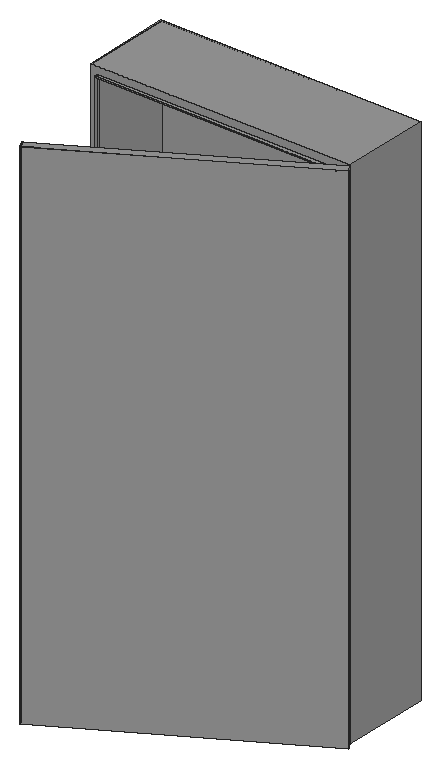
Revit family "Hager-Univers-IP54-D205-H1100-Cl.I-Encl-NoHosted-AT-de", category Equipement électrique, Revit 2020
Family settings
  Configuration du panneau = Deux colonnes, circuits au sein
  Cote de connecteur circulaire = Utiliser le diamètre
  Type d'élément = Tableau de raccordement
  Basée sur le plan de construction = Oui
  Toujours verticalement = Oui
  Couper avec des vides une fois chargée = Non
  Partagée = Non
  Point de calcul de pièce = Non
Parameters (values of type "Aufputz IP54 B550 H1100 T205  - FP72TW2")
  Width Control [instance] = if([EF000008 - Breite] > Min Width, [EF000008 - Breite], Min Width)  # 550 mm
  Commentaires du type = [HG000003 - Bereich]  # "Univers"
  Thickness Door [instance] = if([EF009171 - Materialstärke Tür/Deckel] > 3 mm, 3 mm, [EF009171 - Materialstärke Tür/Deckel])  # 1 mm
  Seal Frame Offset [instance] = 17 mm  # constant formula
  Plinth Visibility [instance] = [HG000027 - Sockelhöhe] > 0 mm  # no
  Min Width [instance] = 100 mm  # constant formula
  Min Depth [instance] = (2 * [EF009170 - Materialstärke Gehäuse]) + 1 mm  # 3 mm
  Min Height [instance] = 100 mm  # constant formula
  Internal Frame Depth [instance] = (Door System Depth * 0.5)  # 9 mm
  Panel Name [instance] = ""  # (empty or 0)
  Model = ""
  HG000027 - Sockelhöhe = 0 mm
  HG000026 - Stehend auf dem Boden = no
  HG000024 - Höhe des unteren Teils = 600 mm
  HG000023 - Gehäuse mit doppeltem Querschnitt = no
  HG000016 - 3D-Türsichtbarkeit [instance] = yes
  HG000015 - Sichtbarkeit der Türöffnung [instance] = no
  HG000014 - Tür rechts [instance] = yes
  HG000013 - Tür links [instance] = not([HG000014 - Tür rechts])  # no
  HG000012 - Türschwenkwinkel [instance] = 30.00°
  HG000010 - Asymmetrische Türen = no
  HG000009 - Doppelflügeligen Tür = no
  HG000006 - Unterputz = no
  HG000004 - Herstellerreferenz = "FP72TW2"
  HG000003 - Bereich = "Univers"
  HG000002 - Mit tür = yes
  Frame Offset Bottom [instance] = 10 mm  # constant formula
  Frame Offset [instance] = 15 mm  # constant formula
  EF015940 - Deckel mit Überdruckentlastung = no
  EF011959 - Schutzart (NEMA) = ""
  EF009554 - Anzahl der Öffnungen für Flanschplatten = 4
  EF009212 - Ausführung Deckel = "EV000116 - geschlossen"
  EF009171 - Materialstärke Tür/Deckel = 1 mm
  EF009170 - Materialstärke Gehäuse = 1 mm
  EF008873 - Nennstrom (In) = 250 A
  EF007800 - Geeignet für Blitzschutz = no
  EF006306 - Mit Schloss = no
  EF006244 - Transparenter Deckel/Tür = no
  EF005474 - Schutzart (IP) = "EV006419 - IP54"
  EF004464 - Art der Tür = "EV002646 - Einzel"
  EF004427 - Anzahl der Module = 168
  EF004293 - Schlagfestigkeit = "EV006815 - IK09"
  EF003532 - Geeignet für Außengebrauch = no
  EF002950 - Breite in Teilungseinheiten = 24
  EF001613 - Funktionserhalt = "EV000494 - ohne"
  EF001596 - Werkstoff des Gehäuses = "EV000179 - Stahl"
  EF001131 - Innentiefe = 130 mm
  EF001088 - Anbaumöglichkeit = yes
  EF000437 - Anzahl der Leitungseinführungen = 4
  EF000339 - Art der Abdeckung = "EV001012 - Deckel"
  EF000266 - Anzahl der Reihen = 7
  EF000218 - Einbautiefe = 205 mm
  EF000118 - Mit Montageplatte = no
  EF000116 - RAL-Nummer = "9010"
  EF000049 - Tiefe = 205 mm
  EF000040 - Höhe = 1100 mm
  EF000008 - Breite = 550 mm
  EF000007 - Farbe = "EV000202 - weiß"
  EF000003 - Montageart = "EV000384 - Aufputz"
  Door System Leaf Tolerance [instance] = 1.5 mm  # constant formula
  Door System Depth [instance] = 18 mm  # constant formula
  Door Height [instance] = Height Control - [HG000027 - Sockelhöhe]  # 1100 mm
  Description = ""
  Default Elevation = 1219.2 mm
  Connector Offset [instance] = Height Control / 2  # 550 mm
  Fabricant = "Hager"  # constant formula
  Height Control [instance] = if([EF000040 - Höhe] > Min Height, [EF000040 - Höhe], Min Height)  # 1100 mm
  Depth Control [instance] = if([EF000049 - Tiefe] > Min Depth, [EF000049 - Tiefe], Min Depth)  # 205 mm
  Bottom Top Plate Trim [instance] = 1.5 mm  # constant formula
  Plinth height Ctrl [instance] = if([HG000027 - Sockelhöhe] > 0 mm, [HG000027 - Sockelhöhe], 12 mm)  # 12 mm
Types (3, lengths in mm): name | Width Control | HG000004 - Herstellerreferenz | EF009554 - Anzahl der Öffnungen für Flanschplatten | EF004464 - Art der Tür | EF004427 - Anzahl der Module | EF002950 - Breite in Teilungseinheiten | EF000437 - Anzahl der Leitungseinführungen | EF000008 - Breite
  Aufputz IP54 B1050 H1100 T205  - FP74TW2 | 1050 | "FP74TW2" | 8 | "EV003602 - Doppel" | 336 | 48 | 8 | 1050
  Aufputz IP54 B1300 H1100 T205  - FP75TW2 | 1300 | "FP75TW2" | 10 | "EV003602 - Doppel" | 420 | 60 | 10 | 1300
  Aufputz IP54 B550 H1100 T205  - FP72TW2 | 550 | "FP72TW2" | 4 | "EV002646 - Einzel" | 168 | 24 | 4 | 550
Reference planes
  plane 1 "Center (Front/Back)": y = 0
  plane 2: z = 0
  plane 3 "Center (Left/Right)": x = 0
  plane 4: y = 0
  plane 5: y = 0
  plane 6: z = 0
  plane 7: x = -275
  plane 8: x = 275
  plane 9: x = 274
  plane 10: x = -274
  plane 11: z = 0
  plane 12: z = 1
  plane 13: y = -205
  plane 14: y = -1
  plane 15: x = 0
  plane 16: y = -187
  plane 17: y = -204
  plane 18: y = -186
  plane 19: x = -259
  plane 20: x = 259
  plane 21: z = 11
  plane 22: x = -258
  plane 23: x = 258
  plane 24: z = 0
  plane 25: z = 1100
  plane 26: z = 1100
  plane 27: z = 1084
  plane 28: z = 1099
Forms (mm)
  Extrusion 1, solid, material "Hager_Steel_RAL7035_Light_Grey", detail levels medium+fine
    sketch origin (-208.679, -4572, 0) x (-1, 0, 0) y (0, -1, 0)
      loop
        line (66.321, -4385) -> (-483.679, -4385) -> (-483.679, -4572) -> (66.321, -4572) -> (66.321, -4385)
    from 0 to 1100
  Extrusion 2, void
    sketch origin (-350.771, -205, 1219.2) x (1, 0, 0) y (0, 0, 1)
      loop
        line (76.771, -120.2) -> (76.771, -1218.2) -> (624.771, -1218.2) -> (624.771, -120.2) -> (76.771, -120.2)
    from -19 to -204
  Extrusion 3, void
    sketch origin (-290.084, -187, 1219.2) x (1, 0, 0) y (0, 0, 1)
      loop
        line (31.084, -1208.2) -> (549.084, -1208.2) -> (549.084, -135.2) -> (31.084, -135.2) -> (31.084, -1208.2)
    from 0 to -1
  Extrusion 4, solid, material "Hager_Steel_RAL7035_Light_Grey", visible <- "Plinth Visibility", detail levels medium+fine
    sketch origin (0, 0, 0) x (1, 0, 0) y (0, 1, 0)
      loop
        line (-275, 0) -> (-275, -187) -> (275, -187) -> (275, 0) -> (-275, 0)
    from 0 to 12 <- "Plinth height Ctrl"
  Extrusion 5, solid, material "Hager_Steel_RAL7035_Light_Grey", detail levels coarse
    sketch origin (0, 0, 0) x (1, 0, 0) y (0, 1, 0)
      loop
        line (-275, 0) -> (-275, -205) -> (275, -205) -> (275, 0) -> (-275, 0)
    from 0 to 1100 <- "Height Control"
  Sweep 6, void
    path in 3D
      loop
        line (-275, -187, 12) -> (275, -187, 12) -> (275, 0, 12) -> (-275, 0, 12) -> (-275, -187, 12)
    profile origin (-275, -93.5, 12) x (1, 0, 0) y (0, 0, 1)
      loop
        line (0, 0) -> (0, -1.5) -> (1.5, -1.5)
        arc (1.5, -1.5) -> (1.061, -0.439) -> (0, 0) r 1.5
  Extrusion 7, solid, material "Hager_Steel_RAL7035_Light_Grey", detail levels fine
    sketch origin (-275, -187, 0) x (1, 0, 0) y (0, 0, 1)
      loop
        line (16, 11) -> (534, 11) -> (534, 1084) -> (16, 1084) -> (16, 11)
      loop
        line (15, 10) -> (535, 10) -> (535, 1085) -> (15, 1085) -> (15, 10)
    from 0 to 9 <- "Internal Frame Depth"
Cuts and joins
  Extrusion 2, Extrusion 3 cuts Extrusion 1
  Sweep 6 cuts Extrusion 4
Lines and regions (mm)
  Masking region 1
    outline origin (0, 0, 0) x (1, 0, 0) y (0, 1, 0)
      loop
        line (-275, 0) -> (-275, -205) -> (275, -205) -> (275, 0) -> (-275, 0)
  Masking region 2, detail levels coarse
    outline origin (-290.084, -187, 1219.2) x (-1, 0, 0) y (0, 0, 1)
      loop
        line (-565.084, -1219.2) -> (-15.084, -1219.2) -> (-15.084, -119.2) -> (-565.084, -119.2) -> (-565.084, -1219.2)
  Masking region 3, detail levels coarse
    outline origin (0, 0, 0) x (0, 1, 0) y (0, 0, 1)
      loop
        line (0, 0) -> (0, 1100) -> (-205, 1100) -> (-205, 0) -> (0, 0)
  Masking region 4, visible <- "Plinth Visibility", detail levels medium+fine
    outline origin (0, 0, 0) x (0, 1, 0) y (0, 0, 1)
      loop
        line (-1.5, 12) -> (-185.5, 12)
        arc (-185.5, 12) -> (-185.939, 10.939) -> (-187, 10.5) r 1.5
        line (-187, 10.5) -> (-187, 0) -> (0, 0) -> (0, 10.5)
        arc (0, 10.5) -> (-1.061, 10.939) -> (-1.5, 12) r 1.5
  Masking region 5, detail levels medium+fine
    outline origin (0, 0, 594.038) x (0, 1, 0) y (0, 0, 1)
      loop
        line (0, -594.038) -> (0, 505.962) -> (-187, 505.962) -> (-187, -594.038) -> (0, -594.038)
  Masking region 6, detail levels medium+fine
    outline origin (-359.7, -187, 1211.883) x (-1, 0, 0) y (0, 0, 1)
      loop
        line (-634.7, -1211.883) -> (-84.7, -1211.883) -> (-84.7, -111.883) -> (-634.7, -111.883) -> (-634.7, -1211.883)
  Masking region 7, visible <- "Plinth Visibility", detail levels medium+fine
    outline origin (-320.334, -187, 1041.368) x (-1, 0, 0) y (0, 0, 1)
      loop
        line (-595.334, -1041.368) -> (-45.334, -1041.368) -> (-45.334, -1030.868)
        arc (-45.334, -1030.868) -> (-46.394, -1030.429) -> (-46.834, -1029.368) r 1.5
        line (-46.834, -1029.368) -> (-593.834, -1029.368)
        arc (-593.834, -1029.368) -> (-594.273, -1030.429) -> (-595.334, -1030.868) r 1.5
        line (-595.334, -1030.868) -> (-595.334, -1041.368)
  sketch lines
    curve 1: line (-275, 0, 12) -> (-275, -187, 12)
    curve 2: line (-275, -187, 12) -> (275, -187, 12)
    curve 3: line (275, 0, 12) -> (-275, 0, 12)
    curve 4: line (275, -187, 12) -> (275, 0, 12)
Dimensions and locks
  locked: plane 1 "Center (Front/Back)" to plane 5
  "EF009170 - Materialstärke Gehäuse": plane 7 to plane 10
  "EF009170 - Materialstärke Gehäuse": plane 8 to plane 9
  equal spacing: plane 7, plane 3 "Center (Left/Right)", plane 8
  "Width Control": plane 7 to plane 8
  "Depth Control": plane 4 to plane 13
  "EF009170 - Materialstärke Gehäuse": plane 4 to plane 14
  "Height Control": plane 25 to level
  "HG000027 - Sockelhöhe": plane 11 to level
  "EF009170 - Materialstärke Gehäuse": plane 12 to plane 11
  "EF009170 - Materialstärke Gehäuse": plane 17 to plane 13
  "EF009170 - Materialstärke Gehäuse": plane 18 to plane 16
  "Frame Offset Bottom": plane 21 to plane 12
  "Frame Offset": plane 10 to plane 19
  "Frame Offset": plane 9 to plane 20
  "Door System Depth": plane 16 to plane 13
  "Seal Frame Offset": plane 7 to plane 22
  "Seal Frame Offset": plane 8 to plane 23
  "EF009170 - Materialstärke Gehäuse": plane 26 to plane 28
  "Frame Offset": plane 28 to plane 27
  "Connector Offset": plane 2 to connector elem
  "Bottom Top Plate Trim": profile plane to Sweep 6 sketch curve
  "Bottom Top Plate Trim": Sweep 6 sketch curve to Sweep 6 sketch curve
  "Plinth height Ctrl": Masking region 4 sketch curve to level
  "Plinth height Ctrl": Masking region 7 sketch curve to level
  "Thickness Door": Extrusion 7 sketch curve to Extrusion 7 sketch curve  (x4)
  "Bottom Top Plate Trim": radius of Sweep 6 sketch curve
  "Bottom Top Plate Trim": radius of Masking region 4 sketch curve  (x2)
  "Bottom Top Plate Trim": radius of Masking region 7 sketch curve  (x2)
  aligned and locked: Extrusion 2 sketch curve to plane 12
  aligned and locked: Extrusion 2 sketch curve to plane 9
  aligned and locked: Extrusion 2 sketch curve to plane 10
  aligned and locked: plane 14 to Extrusion 2
  aligned and locked: plane 4 to Extrusion 1 sketch curve
  aligned and locked: plane 8 to Extrusion 1 sketch curve
  aligned and locked: plane 7 to Extrusion 1 sketch curve
  aligned and locked: Extrusion 2 to plane 18
  aligned and locked: Extrusion 3 sketch curve to plane 19
  aligned and locked: plane 20 to Extrusion 3 sketch curve
  aligned and locked: Extrusion 3 to Extrusion 2
  aligned and locked: Extrusion 3 sketch curve to plane 21
  aligned and locked: plane 3 "Center (Left/Right)" to nested 1
  aligned and locked: Extrusion 1 sketch curve to plane 16
  aligned and locked: Extrusion 4 sketch curve to cut or joined group of Extrusion 1, Extrusion 2, Extrusion 3
  aligned and locked: Masking region 1 sketch curve to plane 7
  aligned and locked: Masking region 1 sketch curve to plane 5
  aligned and locked: Masking region 1 sketch curve to plane 8
  aligned and locked: Masking region 2 sketch curve to level
  aligned and locked: level to Masking region 3 sketch curve
  aligned and locked: plane 1 "Center (Front/Back)" to Masking region 3 sketch curve
  aligned and locked: plane 13 to Masking region 3 sketch curve
  aligned and locked: plane 5 to Masking region 4 sketch curve
  aligned and locked: Masking region 2 sketch curve to plane 8
  aligned and locked: Masking region 2 sketch curve to plane 7
  aligned and locked: plane 7 to nested 2
  aligned and locked: nested 2 to plane 5
  aligned and locked: plane 5 to Masking region 5 sketch curve
  aligned and locked: plane 26 to Masking region 5 sketch curve
  aligned and locked: Extrusion 5 sketch curve to plane 8
  aligned and locked: Extrusion 5 sketch curve to plane 7
  aligned and locked: Extrusion 5 sketch curve to plane 5
  aligned and locked: Extrusion 3 sketch curve to plane 27
  aligned and locked: Extrusion 2 sketch curve to plane 28
  aligned and locked: Masking region 2 to plane 25
  aligned and locked: Extrusion 4 to plane 16
  aligned and locked: profile plane to Sweep 6 sketch curve
  aligned and locked: Masking region 5 sketch curve to plane 24
  aligned and locked: level to Masking region 4 sketch curve
  aligned and locked: Masking region 1 to plane 13
  aligned and locked: nested 1 to plane 16
  aligned and locked: Masking region 3 to plane 25
  aligned and locked: plane 16 to Masking region 4 sketch curve
  aligned and locked: Masking region 5 sketch curve to plane 16
  aligned and locked: plane 24 to plane 11
  aligned and locked: plane 26 to plane 25
  aligned and locked: plane 26 to cut or joined group of Extrusion 1, Extrusion 2, Extrusion 3
  aligned and locked: nested 1 to plane 24
  aligned and locked: Extrusion 1 to Extrusion 3
  aligned and locked: Masking region 6 sketch curve to plane 8
  aligned and locked: Masking region 6 sketch curve to plane 24
  aligned and locked: Masking region 6 sketch curve to plane 7
  aligned and locked: Masking region 6 sketch curve to plane 26
  aligned and locked: Masking region 7 sketch curve to plane 7
  aligned and locked: level to Masking region 7 sketch curve
  aligned and locked: Masking region 7 sketch curve to plane 8
  aligned and locked: Extrusion 7 sketch curve to cut or joined group of Extrusion 1, Extrusion 2, Extrusion 3  (x4)
Automatic sketch dimensions
  plane 19 to Extrusion 3 sketch curve = 0 mm
  Extrusion 3 sketch curve to plane 20 = 0 mm
  Extrusion 3 sketch curve to plane 21 = 0 mm
  Extrusion 4 sketch curve to plane 7 = 0 mm
  Extrusion 4 sketch curve to plane 8 = 0 mm
  Extrusion 4 sketch curve to plane 16 = 0 mm
  Masking region 1 sketch curve to plane 13 = 0 mm
  Masking region 2 sketch curve to plane 25 = 0 mm
  Masking region 3 sketch curve to plane 25 = 0 mm
  Extrusion 5 sketch curve to plane 13 = 0 mm
  profile plane to Sweep 6 sketch curve = 0 mm
Nested families
  nested 1: "EC000058_Univers_Door" at (0, -187, 0), Double <- "HG000009 - Doppelflügeligen Tür", Transparent <- "EF006244 - Transparenter Deckel/Tür", Angle <- "HG000012 - Türschwenkwinkel", Door_Right <- "HG000014 - Tür rechts", Assymetrical <- "HG000010 - Asymmetrische Türen", Door <- "HG000002 - Mit tür", Width_Ctrl <- "Width Control", 3d_Door <- "HG000016 - 3D-Türsichtbarkeit", Clearance <- "HG000015 - Sichtbarkeit der Türöffnung", Door_Left <- "HG000013 - Tür links", Width <- "Width Control", Door_Depth <- "Door System Depth", Leaf_Tolerance <- "Door System Leaf Tolerance", Height <- "Door Height", Lock_Visibility <- "EF006306 - Mit Schloss", Thickness <- "Thickness Door", type "EC000058_Univers_Door", detail levels medium+fine
    with min_wh 3 mm, Width_Ctrl 550 mm, Width 550 mm, Transparent no, Thickness 1 mm, Seal_Material Hager_Rubber, Lock_Visibility no, Lock_Material Hager_Plastic_RAL9005_Jet_Black, Leaf_Width 550 mm, Leaf_Tolerance_External_Sides 0 mm, Leaf_Tolerance 1.5 mm, Leaf_Offset 0 mm, Leaf_Height 1097 mm, Leaf_2_Width 550 mm, Leaf_2_Offset 275 mm, Leaf_1_Width 550 mm, Leaf_1_Offset 275 mm, Height_Ctrl 1100 mm, Height 1100 mm, Glass_Material Hager_Glass, Double_Clearance_Ctrl no, Double no, Door_Right_Ctrl yes, Door_Right yes, Door_Material Hager_Steel_RAL7035_Light_Grey, Door_Left_Ctrl no, Door_Left no, Door_Depth 18 mm, Door yes, Clearance_Material Hager_Clearance, Clearance_Depth 550 mm, Clearance_Ctrl no, Clearance no, Assymetrical no, Angle 30.00°, 3d_Door yes
  nested 2: "Hager_Enclosure_Symbol" at (-275, 0, 0), Height <- "Depth Control", Width <- "Width Control", type "Hager_Enclosure_Symbol"
    with Width_Ctrl 550 mm, Width 550 mm, Height_Ctrl 205 mm, Height 205 mm, A_Width_Int 13.453 mm, A_Width 161.438 mm, A_Height_Ctrl 179.375 mm, A_Height 179.375 mm
Connectors
  electrical at (0, 0, 550)
    settings: on plane 1 "Center (Front/Back)", index 1, voltage 0 V, apparent load 0 VA, apparent load phase1 0 VA, apparent load phase2 0 VA, apparent load phase3 0 VA, power factor 1, load classification "Other", number of poles 1, system type 30, power factor state 1, is connector primary yes, connector utility no, sub classification motor no, connector description ""
Definition of nested family "EC000058_Univers_Door"
  Parameters (values of type "EC000058_Univers_Door")
    min_wh [instance] = (2 * Thickness) + 1 mm  # 11 mm
    Width_Ctrl [instance] = 400 mm
    Width [instance] = 500 mm
    Transparent [instance] = yes
    Thickness [instance] = 5 mm
    Seal_Material [instance] = none
    Lock_Visibility [instance] = yes
    Lock_Material [instance] = none
    Leaf_Width [instance] = if((Width_Ctrl - 2 * Leaf_Tolerance_External_Sides) > 0 mm, (Width_Ctrl - 2 * Leaf_Tolerance_External_Sides), min_wh)  # 400 mm
    Leaf_Tolerance_External_Sides [instance] = 0 mm  # constant formula
    Leaf_Tolerance [instance] = 1.5 mm
    Leaf_Offset [instance] = 0 mm  # constant formula
    Leaf_Height [instance] = if((Height_Ctrl - 2 * Leaf_Tolerance) > 0 mm, (Height_Ctrl - 2 * Leaf_Tolerance), min_wh)  # 497 mm
    Leaf_2_Width [instance] = if(and(and(Double, Assymetrical), Door_Left), (Leaf_Width / 3) - (Leaf_Tolerance / 2), if(and(and(Double, Assymetrical), Door_Right), (Leaf_Width / 3) * 2 - (Leaf_Tolerance / 2), if(and(Double, not(Assymetrical)), (Leaf_Width / 2) - Leaf_Tolerance, Leaf_Width)))  # 400 mm
    Leaf_2_Offset [instance] = if(and(Double, Assymetrical), Leaf_2_Width / 2, if(and(Double, not(Assymetrical)), Leaf_Width / 4, Leaf_Width / 2))  # 200 mm
    Leaf_1_Width [instance] = if(and(and(Double, Assymetrical), Door_Right), (Leaf_Width / 3) - (Leaf_Tolerance / 2), if(and(and(Double, Assymetrical), Door_Left), (Width / 3) * 2 - (Leaf_Tolerance / 2), if(and(Double, not(Assymetrical)), (Leaf_Width / 2) - Leaf_Tolerance, Leaf_Width)))  # 400 mm
    Leaf_1_Offset [instance] = if(and(Double, Assymetrical), Leaf_1_Width / 2, if(and(Double, not(Assymetrical)), Leaf_Width / 4, Leaf_Width / 2))  # 200 mm
    Height_Ctrl [instance] = if(Height > min_wh, Height, min_wh)  # 500 mm
    Height [instance] = 500 mm
    Glass_Material [instance] = none
    Double_Clearance_Ctrl [instance] = and(Double, Clearance)  # no
    Double [instance] = no
    Door_Right_Ctrl [instance] = and(or(Door_Right, Double), Door)  # yes
    Door_Right [instance] = yes
    Door_Material [instance] = none
    Door_Left_Ctrl [instance] = and(or(Door_Left, Double), Door)  # no
    Door_Left [instance] = no
    Door_Depth [instance] = 30 mm
    Door [instance] = yes
    Default Elevation = 1219.2 mm
    Clearance_Material [instance] = none
    Clearance_Depth [instance] = if(Leaf_1_Width > Leaf_2_Width, Leaf_1_Width, Leaf_2_Width)  # 400 mm
    Clearance_Ctrl [instance] = and(not(Double), Clearance)  # yes
    Clearance [instance] = yes
    Assymetrical [instance] = yes
    Angle [instance] = 30.00°
    3d_Door [instance] = yes
  Reference planes
    plane 1 "Center (Front/Back)": y = 0
    plane 2 "Bottom": z = 0
    plane 3 "Center (Left/Right)": x = 0
    plane 4: z = 500
    plane 5: x = -200
    plane 6: x = 200
    plane 7: z = 500
    plane 8: x = -200
    plane 9: z = 0
    plane 10: x = 200
    plane 11: y = 0
    plane 12: z = 1.5
    plane 13: x = -600
    plane 14: y = -400
    plane 15: x = 600
    plane 16: x = 0
    plane 17: x = 0
    plane 18: x = -200
    plane 19: x = 200
    plane 20: z = 498.5
  Forms (mm)
    Extrusion 1, solid, material <- "Clearance_Material", visible <- "Double_Clearance_Ctrl"
      sketch origin (1200, 0, 0) x (1, 0, 0) y (0, 0, -1)
        loop
          line (-1800, -498.5) -> (-600, -498.5) -> (-600, 0) -> (-1800, 0) -> (-1800, -498.5)
      from 0 to -400
  Dimensions and locks
    equal spacing: plane 5, plane 3 "Center (Left/Right)", plane 6
    "Width_Ctrl": plane 5 to plane 6
    "Leaf_Offset": plane 5 to plane 8
    "Leaf_Offset": plane 6 to plane 10
    "Leaf_Offset": plane 9 to level
    "Leaf_Offset": plane 4 to plane 7
    "Height_Ctrl": plane 4 to level
    "Leaf_Tolerance": plane 12 to plane 9
    locked: plane 11 to plane 1 "Center (Front/Back)"
    "Leaf_1_Offset": plane 18 to plane 16
    "Leaf_2_Offset": plane 17 to plane 19
    "Leaf_1_Width": plane 13 to plane 8
    "Leaf_2_Width": plane 10 to plane 15
    "Clearance_Depth": plane 14 to plane 1 "Center (Front/Back)"
    "Leaf_Tolerance_External_Sides": plane 8 to plane 18
    "Leaf_Tolerance_External_Sides": plane 19 to plane 10
    "Leaf_Tolerance": plane 7 to plane 20
    aligned and locked: level to plane 2 "Bottom"
    aligned and locked: nested 1 to plane 16
    aligned and locked: nested 2 to plane 17
    aligned and locked: Extrusion 1 to plane 13
    aligned and locked: plane 15 to Extrusion 1
    aligned and locked: Extrusion 1 to plane 14
    aligned and locked: plane 12 to nested 1
    aligned and locked: nested 2 to plane 12
    aligned and locked: Extrusion 1 to plane 11
    aligned and locked: plane 20 to Extrusion 1
    aligned and locked: nested 2 to plane 11
    aligned and locked: nested 1 to plane 11
  Automatic sketch dimensions
    Extrusion 1 sketch curve to level = 0 mm
    plane 5 to Extrusion 1 sketch curve = 400 mm
    plane 6 to Extrusion 1 sketch curve = 400 mm
    Extrusion 1 sketch curve to plane 4 = 1.5 mm
  Nested families
    nested 1: "EC000058_Univers_Door_Leaf" at (0, 0, 1.5), Width <- "Leaf_1_Width", visible <- "Door_Left_Ctrl", Leaf_Height <- "Leaf_Height", Angle <- "Angle", 3d_Door <- "3d_Door", Transparent <- "Transparent", Clearance Material <- "Clearance_Material", Clearance <- "Clearance_Ctrl", Door_Material <- "Door_Material", Glass_Material <- "Glass_Material", Door_Depth <- "Door_Depth", Lock_Material <- "Lock_Material", Seal_Material <- "Seal_Material", Lock_Visibility <- "Lock_Visibility", Thickness <- "Thickness", type "EC000058_Univers_Door_Leaf"
      with Width 400 mm, Transparent_Glass_Offset 30 mm, Transparent_Ctrl yes, Transparent yes, Thickness 5 mm, Standard no, Seal_Material none, Seal_D2 8 mm, Seal_D1 1 mm, Offset_Internal_Frame 10 mm, Lock_Width 20 mm, Lock_Visibility_3d yes, Lock_Visibility yes, Lock_Thickness_3 3 mm, Lock_Thickness_2 1 mm, Lock_Thickness_1 3 mm, Lock_Radius_Offset_2 16 mm, Lock_Radius_Offset_1 15 mm, Lock_Radius_2 5 mm, Lock_Radius 6 mm, Lock_Offset 5 mm, Lock_Material none, Lock_Height 80 mm, Lock_Cover_Top_Offset_2d 17 mm, Lock_Cover_Height -65 mm, Leaf_Height 497 mm, Internal_Seal_Thickness 8 mm, Internal_Seal_Depth_2 4.5 mm, Internal_Frame_Depth 25 mm, Glass_Thickness -1 mm, Glass_Offset -2 mm, Glass_Material none, Door_Material none, Door_Depth 30 mm, Clearance Material none, Clearance yes, Angle_Ctrl 30.00°, Angle 30.00°, 3d_Door yes
    nested 2: "EC000058_Univers_Door_Leaf" at (0, 0, 1.5) x (-1, 0, 0) z (0, 0, 1), Width <- "Leaf_2_Width", visible <- "Door_Right_Ctrl", Leaf_Height <- "Leaf_Height", Angle <- "Angle", 3d_Door <- "3d_Door", Transparent <- "Transparent", Clearance Material <- "Clearance_Material", Clearance <- "Clearance_Ctrl", Door_Material <- "Door_Material", Glass_Material <- "Glass_Material", Door_Depth <- "Door_Depth", Lock_Material <- "Lock_Material", Seal_Material <- "Seal_Material", Lock_Visibility <- "Lock_Visibility", Thickness <- "Thickness", type "EC000058_Univers_Door_Leaf"
      with Width 400 mm, Transparent_Glass_Offset 30 mm, Transparent_Ctrl yes, Transparent yes, Thickness 5 mm, Standard no, Seal_Material none, Seal_D2 8 mm, Seal_D1 1 mm, Offset_Internal_Frame 10 mm, Lock_Width 20 mm, Lock_Visibility_3d yes, Lock_Visibility yes, Lock_Thickness_3 3 mm, Lock_Thickness_2 1 mm, Lock_Thickness_1 3 mm, Lock_Radius_Offset_2 16 mm, Lock_Radius_Offset_1 15 mm, Lock_Radius_2 5 mm, Lock_Radius 6 mm, Lock_Offset 5 mm, Lock_Material none, Lock_Height 80 mm, Lock_Cover_Top_Offset_2d 17 mm, Lock_Cover_Height -65 mm, Leaf_Height 497 mm, Internal_Seal_Thickness 8 mm, Internal_Seal_Depth_2 4.5 mm, Internal_Frame_Depth 25 mm, Glass_Thickness -1 mm, Glass_Offset -2 mm, Glass_Material none, Door_Material none, Door_Depth 30 mm, Clearance Material none, Clearance yes, Angle_Ctrl 30.00°, Angle 30.00°, 3d_Door yes
  Definition of nested family "EC000058_Univers_Door_Leaf"
    Parameters (values of type "EC000058_Univers_Door_Leaf")
      Width [instance] = 2000 mm
      Transparent_Glass_Offset [instance] = 30 mm
      Transparent_Ctrl [instance] = and(Transparent, [3d_Door])  # yes
      Transparent [instance] = yes
      Thickness [instance] = 5 mm
      Standard [instance] = and(not(Transparent), [3d_Door])  # no
      Seal_Material [instance] = none
      Seal_D2 [instance] = 8 mm  # constant formula
      Seal_D1 [instance] = 1 mm  # constant formula
      Offset_Internal_Frame [instance] = 10 mm  # constant formula
      Lock_Width [instance] = 20 mm  # constant formula
      Lock_Visibility_3d [instance] = and(Lock_Visibility, [3d_Door])  # yes
      Lock_Visibility [instance] = yes
      Lock_Thickness_3 [instance] = 3 mm  # constant formula
      Lock_Thickness_2 [instance] = 1 mm  # constant formula
      Lock_Thickness_1 [instance] = 3 mm  # constant formula
      Lock_Radius_Offset_2 [instance] = Lock_Radius_Offset_1 + 1 mm  # 16 mm
      Lock_Radius_Offset_1 [instance] = 15 mm  # constant formula
      Lock_Radius_2 [instance] = Lock_Radius - 1 mm  # 5 mm
      Lock_Radius [instance] = 6 mm  # constant formula
      Lock_Offset [instance] = 5 mm  # constant formula
      Lock_Material [instance] = none
      Lock_Height [instance] = 80 mm  # constant formula
      Lock_Cover_Top_Offset_2d [instance] = Lock_Radius_Offset_2 + 1 mm  # 17 mm
      Lock_Cover_Height [instance] = -(Lock_Height - Lock_Radius_Offset_1)  # -65 mm
      Leaf_Height [instance] = 2720.336 mm
      Internal_Seal_Thickness [instance] = 8 mm  # constant formula
      Internal_Seal_Depth_2 [instance] = 4.5 mm  # constant formula
      Internal_Frame_Depth [instance] = if(Door_Depth - Thickness > 5 mm, Door_Depth - Thickness, 5 mm)  # 25 mm
      Glass_Thickness [instance] = if(Thickness > 15 mm, Glass_Offset + 10 mm, -1 mm)  # -1 mm
      Glass_Offset [instance] = if(Thickness > 15 mm, -(Thickness + 10 mm) / 2, -2 mm)  # -2 mm
      Glass_Material [instance] = none
      Door_Material [instance] = none
      Door_Depth [instance] = 30 mm
      Default Elevation = 0 mm
      Clearance Material [instance] = none
      Clearance [instance] = yes
      Angle_Ctrl [instance] = if(Angle > 180.00°, 180.00°, Angle)  # 90.00°
      Angle [instance] = 90.00°
      3d_Door [instance] = yes
    Reference planes
      plane 1 "Center (Front/Back)": y = 0
      plane 2: z = 0
      plane 3 "Center (Left/Right)": x = 0
      plane 4: y = 2000
      plane 5: x = -1000
      plane 6: x = 1000
      plane 7: x = -3000
      plane 8: z = 2720.336
      plane 9: z = 30
      plane 10: z = 2690.336
      plane 11: x = 970
      plane 12: x = -970
      plane 13: y = -3
      plane 14: z = 107.833
      plane 15: y = -5
      plane 16: y = -223.314
      plane 17: x = -1000
      plane 18: z = 1360.168
      plane 19: y = 30
    Forms (mm)
      Extrusion 1, solid, material <- "Clearance Material", visible <- "Clearance"
        sketch origin (0, 0, 0) x (1, 0, 0) y (0, 0, 1)
          loop
            line (-3000, 2720.336) -> (-3000, 0) -> (1000, 0) -> (1000, 2720.336) -> (-3000, 2720.336)
        from 0 to -2000
      Extrusion 2, solid, material <- "Door_Material", visible <- "Standard", detail levels medium+fine
        sketch origin (-1000, 0, 0) x (0, 1, 0) y (-1, 0, 0)
          loop
            line (0, 30) -> (0, 25) -> (2000, 25) -> (2000, 30) -> (0, 30)
        from 0 to 2720.336 <- "Leaf_Height"
      Extrusion 3, solid, material <- "Door_Material", visible <- "Transparent_Ctrl", detail levels medium+fine
        sketch origin (-1000, 0, 0) x (0, 1, 0) y (-1, 0, 0)
          loop
            line (0, 25) -> (2000, 25) -> (2000, 30) -> (0, 30) -> (0, 25)
        from 0 to 2720.336 <- "Leaf_Height"
      Extrusion 4, void
        sketch origin (-1025, 2000, 0) x (0, 1, 0) y (0, 0, -1)
          loop
            line (-30, -2690.336) -> (-30, -30) -> (-1970, -30) -> (-1970, -2690.336) -> (-30, -2690.336)
        from 0 to 5 <- "Thickness"
      Sweep 5, solid, material <- "Seal_Material", visible <- "Transparent_Ctrl", detail levels fine
        path in 3D
          loop
            line (-1025, 30, 30) -> (-1025, 30, 2690.336) -> (-1025, 1970, 2690.336) -> (-1025, 1970, 30) -> (-1025, 30, 30)
        profile origin (-1025, 1000, 30) x (1, 0, 0) y (0, 0, 1)
          loop
            line (0, 0) -> (0, -8) -> (1, -8) -> (1, 0) -> (0, 0)
      Extrusion 6, solid, material <- "Glass_Material", visible <- "Transparent_Ctrl", detail levels medium+fine
        sketch origin (-1030, 0, 0) x (0, 1, 0) y (0, 0, -1)
          loop
            line (1970, -2690.336) -> (1970, -30) -> (30, -30) -> (30, -2690.336) -> (1970, -2690.336)
        from -2 <- "Glass_Offset" to -1 <- "Glass_Thickness"
      Extrusion 7, solid, material <- "Door_Material", visible <- "3d_Door", detail levels medium+fine
        sketch origin (-1025, 2000, 0) x (0, -1, 0) y (0, 0, -1)
          loop
            line (0, -2720.336) -> (2000, -2720.336) -> (2000, 0) -> (0, 0) -> (0, -2720.336)
          loop
            line (1995, -5) -> (5, -5) -> (5, -2715.336) -> (1995, -2715.336) -> (1995, -5)
        from 0 to 25 <- "Internal_Frame_Depth"
      Sweep 8, solid, material <- "Seal_Material", visible <- "Transparent_Ctrl", detail levels fine
        path in 3D
          loop
            line (-1025, 0, 0) -> (-1025, 2000, 0) -> (-1025, 2000, 2720.336) -> (-1025, 0, 2720.336) -> (-1025, 0, 0)
        profile origin (-1025, 0, 1360.168) x (1, 0, 0) y (0, 1, 0)
          loop
            line (0, 10) -> (2.975, 10)
            arc (2.975, 10) -> (4.053, 10.447) -> (4.5, 11.525) r 1.525
            line (4.5, 11.525) -> (4.5, 16.527)
            arc (4.5, 16.527) -> (4.069, 17.569) -> (3.027, 18) r 1.473
            line (3.027, 18) -> (0, 18) -> (0, 10)
      Extrusion 9, solid, material <- "Lock_Material", visible <- "Lock_Visibility_3d", detail levels fine
        sketch origin (-1030, 0, 0) x (0, 1, 0) y (0, 0, -1)
          loop
            arc (1993.5, -1400.168) -> (1994.561, -1399.729) -> (1995, -1398.668) r 1.5
            line (1995, -1398.668) -> (1995, -1320.168) -> (1975, -1320.168) -> (1975, -1398.668)
            arc (1975, -1398.668) -> (1975.439, -1399.729) -> (1976.5, -1400.168) r 1.5
            line (1976.5, -1400.168) -> (1993.5, -1400.168)
        from 3 <- "Lock_Thickness_1" to 0
      Blend 10, solid, material <- "Lock_Material", visible <- "Lock_Visibility_3d", detail levels fine
        base sketch origin (-1033, 0, 0) x (0, 1, 0) y (0, 0, -1)
          loop
            line (1975, -1320.168) -> (1975, -1398.668)
            arc (1975, -1398.668) -> (1975.439, -1399.729) -> (1976.5, -1400.168) r 1.5
            line (1976.5, -1400.168) -> (1993.5, -1400.168)
            arc (1993.5, -1400.168) -> (1994.561, -1399.729) -> (1995, -1398.668) r 1.5
            line (1995, -1398.668) -> (1995, -1320.168) -> (1975, -1320.168)
        top sketch origin (-1033, 0, 0) x (0, 1, 0) y (0, 0, -1)
          loop
            line (1976, -1320.168) -> (1976, -1398.668)
            arc (1976, -1398.668) -> (1976.146, -1399.022) -> (1976.5, -1399.168) r 0.5
            line (1976.5, -1399.168) -> (1993.5, -1399.168)
            arc (1993.5, -1399.168) -> (1993.854, -1399.022) -> (1994, -1398.668) r 0.5
            line (1994, -1398.668) -> (1994, -1320.168) -> (1976, -1320.168)
        from 0 to 1 <- "Lock_Thickness_2"
      Blend 11, solid, material <- "Lock_Material", visible <- "Lock_Visibility_3d", detail levels fine
        base sketch origin (-1034, 0, 0) x (0, 1, 0) y (0, 0, -1)
          loop
            line (1978, -1320.168) -> (1978, -1384.168)
            arc (1978, -1384.168) -> (1985, -1391.168) -> (1992, -1384.168) r 7
            line (1992, -1384.168) -> (1992, -1320.168) -> (1978, -1320.168)
        top sketch origin (-1034, 0, 0) x (0, 1, 0) y (0, 0, -1)
          loop
            line (1991, -1320.168) -> (1979, -1320.168) -> (1979, -1383.168)
            arc (1979, -1383.168) -> (1985, -1389.168) -> (1991, -1383.168) r 6
            line (1991, -1383.168) -> (1991, -1320.168)
        from 0 to 3 <- "Lock_Thickness_3"
      Extrusion 12, solid, material <- "Lock_Material", visible <- "Lock_Visibility_3d", detail levels fine
        sketch origin (-1030, 1975, 1320.168) x (1, 0, 0) y (0, -1, 0)
          loop
            line (-7, -19) -> (-7, -1) -> (0, -1) -> (0, 0) -> (-8, 0) -> (-8, -20) -> (0, -20) -> (0, -19) -> (-7, -19)
        from 0 to -65 <- "Lock_Cover_Height"
      Extrusion 13, void
        sketch origin (-1038, 1995, 1320.168) x (-1, 0, 0) y (0, 0, -1)
          loop
            line (-5, -65) -> (0, -65) -> (-5, -60) -> (-5, -65)
        from 0 to 20 <- "Lock_Width"
      Extrusion 14, void
        sketch origin (-1038, 1975, 1320.168) x (0, -1, 0) y (0, 0, -1)
          loop
            circle (-10, -15.995) r 6
          loop
            circle (-10, -15.995) r 5
        from 0 to 2
      Extrusion 15, solid, material <- "Lock_Material", visible <- "Lock_Visibility_3d", detail levels medium
        sketch origin (-1030, 0, 0) x (0, 1, 0) y (0, 0, -1)
          loop
            arc (1993.5, -1400.168) -> (1994.561, -1399.729) -> (1995, -1398.668) r 1.5
            line (1995, -1398.668) -> (1995, -1320.168) -> (1975, -1320.168) -> (1975, -1398.668)
            arc (1975, -1398.668) -> (1975.439, -1399.729) -> (1976.5, -1400.168) r 1.5
            line (1976.5, -1400.168) -> (1993.5, -1400.168)
        from 8 to 0
    Cuts and joins
      Extrusion 4 cuts Extrusion 3
      Extrusion 13, Extrusion 14 cuts Extrusion 9
      Extrusion 14 cuts Blend 11
      Extrusion 13, Extrusion 14 cuts Extrusion 12
      joined: Extrusion 9, Blend 10, Blend 11, Extrusion 12
      Extrusion 14 cuts Extrusion 15
    Lines and regions (mm)
      Masking region 1, visible <- "Lock_Visibility", detail levels fine
        outline origin (0, 0, 0) x (0, 1, 0) y (0, 0, 1)
          loop
            line (30, 1320.168) -> (33, 1320.168) -> (33, 1400.168) -> (30, 1400.168) -> (30, 1320.168)
      Masking region 2, visible <- "Lock_Visibility", detail levels fine
        outline origin (0, 3.143, 0) x (0, 1, 0) y (0, 0, 1)
          loop
            line (29.857, 1354.168) -> (30.857, 1354.168) -> (30.857, 1366.168) -> (29.857, 1366.168) -> (29.857, 1354.168)
      Masking region 3, detail levels medium+fine
        outline origin (0, 0, 0) x (0, 1, 0) y (0, 0, 1)
          loop
            line (0, 0) -> (30, 0) -> (30, 2720.336) -> (0, 2720.336) -> (0, 0)
      Masking region 4, detail levels medium+fine
        outline origin (0, 0, 0) x (1, 0, 0) y (0, 0, 1)
          loop
            line (-1000, 2720.336) -> (-1000, 0) -> (1000, 0) -> (1000, 2720.336) -> (-1000, 2720.336)
      Masking region 5, visible <- "Lock_Visibility", detail levels fine
        outline origin (-47.116, 0, 0) x (1, 0, 0) y (0, 0, 1)
          loop
            arc (1024.616, 1399.168) -> (1023.556, 1398.729) -> (1023.116, 1397.668) r 1.5
            line (1023.116, 1397.668) -> (1023.116, 1320.168) -> (1041.116, 1320.168) -> (1041.116, 1397.668)
            arc (1041.116, 1397.668) -> (1040.677, 1398.729) -> (1039.616, 1399.168) r 1.5
            line (1039.616, 1399.168) -> (1024.616, 1399.168)
      Masking region 6, visible <- "Lock_Visibility", detail levels medium+fine
        outline origin (-25, 0, 0) x (1, 0, 0) y (0, 0, 1)
          loop
            arc (1001.5, 1400.168) -> (1000.439, 1399.729) -> (1000, 1398.668) r 1.5
            line (1000, 1398.668) -> (1000, 1320.168) -> (1020, 1320.168) -> (1020, 1398.668)
            arc (1020, 1398.668) -> (1019.561, 1399.729) -> (1018.5, 1400.168) r 1.5
            line (1018.5, 1400.168) -> (1001.5, 1400.168)
      Masking region 7, visible <- "Lock_Visibility", detail levels fine
        outline origin (-73.735, 0, 0) x (1, 0, 0) y (0, 0, 1)
          loop
            line (1051.735, 1382.168) -> (1065.735, 1382.168) -> (1065.735, 1384.168)
            arc (1065.735, 1384.168) -> (1058.735, 1391.168) -> (1051.735, 1384.168) r 7
            line (1051.735, 1384.168) -> (1051.735, 1382.168)
      Masking region 8, visible <- "Lock_Visibility", detail levels fine
        outline origin (-73.735, 0, 0) x (1, 0, 0) y (0, 0, 1)
          loop
            line (1052.735, 1382.168) -> (1064.735, 1382.168) -> (1064.735, 1383.168)
            arc (1064.735, 1383.168) -> (1058.735, 1389.168) -> (1052.735, 1383.168) r 6
            line (1052.735, 1383.168) -> (1052.735, 1382.168)
      Masking region 9, visible <- "Lock_Visibility", detail levels fine
        outline origin (-25, 0, 0) x (1, 0, 0) y (0, 0, 1)
          loop
            line (1020, 1320.168) -> (1020, 1382.168) -> (1000, 1382.168) -> (1000, 1320.168) -> (1020, 1320.168)
      Masking region 10, detail levels medium+fine
        outline origin (0, 0, 0) x (1, 0, 0) y (0, 0, 1)
          loop
            circle (985, 1335.144) r 6
      Masking region 11, detail levels fine
        outline origin (0, 0, 0) x (1, 0, 0) y (0, 0, 1)
          loop
            circle (985, 1335.144) r 5
      Masking region 12, visible <- "Lock_Visibility", detail levels fine
        outline origin (0, 12.767, 0) x (0, 1, 0) y (0, 0, 1)
          loop
            line (20.233, 1320.168) -> (21.233, 1320.168) -> (21.233, 1399.168) -> (20.233, 1400.168) -> (20.233, 1320.168)
      Masking region 13, visible <- "Lock_Visibility", detail levels fine
        outline origin (0, 13.767, -10) x (0, 1, 0) y (0, 0, 1)
          loop
            line (20.233, 1330.168) -> (23.233, 1330.168) -> (23.233, 1399.168) -> (20.233, 1402.168) -> (20.233, 1330.168)
      Masking region 14, visible <- "Lock_Visibility", detail levels fine
        outline origin (0, 12.767, -10) x (0, 1, 0) y (0, 0, 1)
          loop
            line (20.233, 1330.168) -> (25.233, 1330.168) -> (25.233, 1399.305) -> (20.233, 1394.305) -> (20.233, 1330.168)
      Masking region 15, visible <- "Lock_Visibility", detail levels medium
        outline origin (0, 0, 0) x (0, 1, 0) y (0, 0, 1)
          loop
            line (30, 1320.168) -> (38, 1320.168) -> (38, 1400.168) -> (30, 1400.168) -> (30, 1320.168)
      Masking region 16, visible <- "Lock_Visibility", detail levels fine
        outline origin (-1000, 0, 0) x (0, 1, 0) y (-1, 0, 0)
          loop
            line (1975, 30) -> (1995, 30) -> (1995, 38) -> (1975, 38) -> (1975, 30)
          loop
            line (1979, 37) -> (1976, 37) -> (1976, 34) -> (1978, 34) -> (1979, 37)
          loop
            line (1994, 37) -> (1991, 37) -> (1992, 34) -> (1994, 34) -> (1994, 37)
      Masking region 17, visible <- "Lock_Visibility", detail levels medium
        outline origin (-1000, 0, 0) x (0, 1, 0) y (-1, 0, 0)
          loop
            line (1975, 30) -> (1995, 30) -> (1995, 38) -> (1975, 38) -> (1975, 30)
      symbolic lines
        curve 1: line (1000, 0, 0) -> (-3000, 0, 0)
        curve 2: arc (1000, 0, 0) -> (-1000, 2000, 0) -> (-3000, 0, 0) r 2000
        curve 4: line (-1030, 0, 0) -> (-1030, 2000, 0)
      reference lines
        curve 3: line (-1000, 0, 0) -> (-1000, 2000, 0)
      symbolic lines, detail levels medium+fine
        curve 5: line (-1030, 2000, 0) -> (-1025, 2000, 0)
        curve 7: line (-1025, 0, 0) -> (-1030, 0, 0)
        curve 8: line (-1025, 0, 0) -> (-1000, 0, 0)
        curve 9: line (-1000, 0, 0) -> (-1000, 2000, 0)
        curve 10: line (-1000, 2000, 0) -> (-1025, 2000, 0)
      symbolic lines, detail levels fine
        curve 6: line (-1025, 2000, 0) -> (-1025, 0, 0)
      sketch lines
        curve 11: line (-1025, 0, 2720.336) -> (-1025, 0, 0)
        curve 12: line (-1025, 2000, 0) -> (-1025, 0, 0)
        curve 13: line (-1025, 2000, 2720.336) -> (-1025, 2000, 0)
        curve 14: line (-1025, 0, 2720.336) -> (-1025, 2000, 2720.336)
        curve 15: line (-1025, 1970, 30) -> (-1025, 30, 30)
        curve 16: line (-1025, 30, 30) -> (-1025, 30, 2690.336)
        curve 17: line (-1025, 1970, 2690.336) -> (-1025, 1970, 30)
        curve 18: line (-1025, 30, 2690.336) -> (-1025, 1970, 2690.336)
      symbolic lines, visible <- "Transparent", detail levels medium+fine
        curve 19: line (-970, 0, 2690.336) -> (970, 0, 2690.336)
        curve 20: line (-970, 0, 30) -> (-970, 0, 2690.336)
        curve 21: line (970, 0, 30) -> (-970, 0, 30)
        curve 22: line (970, 0, 2690.336) -> (970, 0, 30)
    Dimensions and locks
      "Width": plane 1 "Center (Front/Back)" to plane 4
      equal spacing: plane 5, plane 3 "Center (Left/Right)", plane 6
      "Width": plane 5 to plane 6
      "Width": plane 7 to plane 5
      "Leaf_Height": plane 8 to level
      "Width": curve 5 to curve 3
      "Width": curve 3 to curve 3
      plane 8 to plane 10 = 30 mm
      plane 9 to level = 30 mm
      plane 12 to plane 5 = 30 mm
      plane 6 to plane 11 = 30 mm
      Extrusion 1 to Extrusion 4 sketch curve = 30 mm
      "Transparent_Glass_Offset": curve 3 to Extrusion 4 sketch curve
      "Transparent_Glass_Offset": Extrusion 4 sketch curve to cut or joined group of Extrusion 3, Extrusion 4  (x2)
      cut or joined group of Extrusion 3, Extrusion 4 to Extrusion 6 sketch curve = 30 mm
      "Transparent_Glass_Offset": cut or joined group of Extrusion 3, Extrusion 4 to Extrusion 4 sketch curve
      "Thickness": curve 6 to curve 4
      "Thickness": Extrusion 7 sketch curve to Extrusion 7 sketch curve  (x4)
      "Door_Depth": curve 4 to curve 3
      "Offset_Internal_Frame": profile plane to Sweep 8 sketch curve
      "Internal_Seal_Thickness": Sweep 8 sketch curve to Sweep 8 sketch curve
      "Internal_Seal_Depth_2": profile plane to Sweep 8 sketch curve
      "Seal_D1": profile plane to Sweep 5 sketch curve
      "Seal_D2": profile plane to Sweep 5 sketch curve
      "Thickness": Extrusion 2 sketch curve to Extrusion 2 sketch curve
      equal spacing: Extrusion 9 sketch curve, plane 18, Extrusion 9 sketch curve  (x2)
      equal spacing: Masking region 1 sketch curve, plane 18, Masking region 1 sketch curve
      "Lock_Height": Masking region 1 sketch curve to Masking region 1 sketch curve
      "Lock_Radius": Masking region 2 sketch curve to plane 18 to Masking region 2 sketch curve
      Masking region 2 sketch curve to Masking region 1 = 1 mm
      "Door_Depth": plane 19 to plane 1 "Center (Front/Back)"
      "Lock_Thickness_1": Masking region 1 sketch curve to plane 19
      "Lock_Width": Extrusion 9 sketch curve to Extrusion 9 sketch curve
      "Lock_Height": Extrusion 9 sketch curve to Extrusion 9 sketch curve
      "Lock_Offset": cut or joined group of Extrusion 3, Extrusion 4 to Extrusion 9 sketch curve
      equal spacing: plane 8, plane 18, level
      "Lock_Radius_Offset_1": Blend 11 sketch curve to Blend 10
      locked: Blend 10 to Blend 11 sketch curve at 2  (x2)
      locked: var sketch to Blend 11 sketch curve at 1  (x2)
      "Lock_Radius_Offset_2": Blend 11 sketch curve to Blend 10
      locked: Extrusion 12 sketch curve to Extrusion 12 sketch curve at 1  (x3)
      Masking region 6 sketch curve to Masking region 6 sketch curve = 80 mm
      "Lock_Height": Masking region 6 sketch curve to Masking region 6 sketch curve
      "Lock_Width": Masking region 6 sketch curve to Masking region 6 sketch curve
      locked: Masking region 6 to Masking region 5 sketch curve at 1  (x3)
      locked: Masking region 5 to Masking region 7 sketch curve at 2  (x2)
      "Lock_Radius_Offset_1": Masking region 5 to Masking region 7 sketch curve
      "Lock_Radius_Offset_2": Masking region 5 to Masking region 8 sketch curve
      locked: Masking region 7 to Masking region 8 sketch curve at 1  (x2)
      "Lock_Cover_Top_Offset_2d": Masking region 5 to Masking region 9 sketch curve
      equal spacing: Masking region 9, Masking region 10 sketch curve, Masking region 9
      equal spacing: Masking region 9, Masking region 11 sketch curve, Masking region 9
      Extrusion 15 sketch curve to Extrusion 15 sketch curve = 80 mm
      "Lock_Width": Extrusion 15 sketch curve to Extrusion 15 sketch curve
      "Lock_Height": Extrusion 15 sketch curve to Extrusion 15 sketch curve
      equal spacing: Extrusion 15 sketch curve, plane 18, Extrusion 15 sketch curve
      "Lock_Thickness_3": Masking region 13 sketch curve to Masking region 13 sketch curve
      "Lock_Height": Masking region 12 sketch curve to Masking region 12 sketch curve
      locked: Masking region 13 sketch curve to Masking region 1 at 8
      locked: Masking region 14 sketch curve to Masking region 13 at 1
      locked: Masking region 14 sketch curve to Masking region 1 at 10.863
      "Lock_Height": Masking region 15 sketch curve to Masking region 15 sketch curve
      "Lock_Offset": Extrusion 15 sketch curve to cut or joined group of Extrusion 3, Extrusion 4
      "Lock_Offset": plane 6 to Masking region 6 sketch curve
      radius of Sweep 8 sketch curve = 1.525 mm
      radius of Sweep 8 sketch curve = 1.473 mm
      radius of Extrusion 9 sketch curve = 1.5 mm  (x2)
      "Lock_Radius": radius of Extrusion 14 sketch curve
      "Lock_Radius_2": radius of Extrusion 14 sketch curve
      "Lock_Radius": radius of Masking region 10 sketch curve
      "Lock_Radius_2": radius of Masking region 11 sketch curve
      radius of Extrusion 15 sketch curve = 1.5 mm  (x2)
      "Angle_Ctrl": angle plane 1 "Center (Front/Back)" to curve 3
      locked: Masking region 12 sketch curve to Masking region 12 sketch curve (angle 45.00°)
      locked: Masking region 13 sketch curve to Masking region 13 sketch curve (angle 45.00°)
      locked: Masking region 14 sketch curve to Masking region 14 sketch curve (angle 45.00°)
      aligned and locked: level to plane 2
      aligned and locked: Extrusion 1 to curve 1
      aligned and locked: plane 6 to Extrusion 1
      aligned and locked: Extrusion 1 to plane 1 "Center (Front/Back)"
      aligned and locked: plane 4 to Extrusion 1
      aligned and locked: plane 8 to Extrusion 1
      aligned and locked: curve 7 to Extrusion 2 sketch curve
      aligned and locked: curve 5 to Extrusion 2 sketch curve
      aligned and locked: curve 7 to Extrusion 3 sketch curve
      aligned and locked: Extrusion 3 sketch curve to curve 4
      aligned and locked: Extrusion 3 sketch curve to curve 6
      aligned and locked: Extrusion 3 sketch curve to curve 5
      aligned and locked: curve 9 to curve 3
      aligned and locked: Extrusion 7 sketch curve to cut or joined group of Extrusion 3, Extrusion 4  (x4)
      aligned and locked: plane 17 to curve 3
      aligned and locked: plane 1 "Center (Front/Back)" to curve 3
      aligned and locked: plane 17 to plane 5
      aligned and locked: Sweep 8 sketch curve to profile plane
      aligned and locked: Sweep 5 sketch curve to profile plane  (x2)
      aligned and locked: Masking region 1 to Masking region 2 sketch curve
      aligned and locked: plane 19 to Masking region 1 sketch curve
      aligned and locked: plane 1 "Center (Front/Back)" to Masking region 3 sketch curve
      aligned and locked: plane 19 to Masking region 3 sketch curve
      aligned and locked: level to Masking region 3 sketch curve
      aligned and locked: Masking region 3 sketch curve to plane 8
      aligned and locked: plane 17 to Masking region 4 sketch curve
      aligned and locked: level to Masking region 4 sketch curve
      aligned and locked: Masking region 4 sketch curve to plane 8
      aligned and locked: plane 12 to curve 20
      aligned and locked: plane 10 to curve 19
      aligned and locked: plane 11 to curve 22
      aligned and locked: curve 21 to plane 9
      aligned and locked: Extrusion 2 sketch curve to cut or joined group of Extrusion 3, Extrusion 4
      aligned and locked: Blend 10 sketch curve to Extrusion 9  (x4)
      aligned and locked: Extrusion 9 to Blend 10 sketch curve
      aligned and locked: Blend 10 to Blend 11 sketch curve
      aligned and locked: Extrusion 12 sketch curve to Blend 11
      aligned and locked: Extrusion 12 sketch curve to Extrusion 9  (x4)
      aligned and locked: Masking region 5 sketch curve to Masking region 6
      aligned and locked: Masking region 9 sketch curve to Masking region 6  (x3)
      aligned and locked: Masking region 12 sketch curve to Masking region 1
      aligned and locked: Masking region 13 sketch curve to Masking region 1
      aligned and locked: Masking region 12 to Masking region 14
      aligned and locked: Masking region 14 sketch curve to Masking region 1
      aligned and locked: Masking region 15 sketch curve to Masking region 14
      aligned and locked: Masking region 13 sketch curve to Masking region 12
      aligned and locked: Masking region 16 sketch curve to cut or joined group of Extrusion 14, Extrusion 15  (x4)
      aligned and locked: Masking region 16 sketch curve to cut or joined group of Extrusion 9, Blend 10, Blend 11, Extrusion 12, Extrusion 13, Extrusion 14  (x6)
      aligned and locked: cut or joined group of Extrusion 9, Blend 10, Blend 11, Extrusion 12, Extrusion 13, Extrusion 14 to Masking region 16 sketch curve
      aligned and locked: Masking region 17 sketch curve to cut or joined group of Extrusion 14, Extrusion 15  (x3)
      aligned and locked: Masking region 17 sketch curve to cut or joined group of Extrusion 9, Blend 10, Blend 11, Extrusion 12, Extrusion 13, Extrusion 14
      aligned and locked: Masking region 9 to Masking region 8 sketch curve
      aligned and locked: Masking region 9 to Masking region 7 sketch curve
    Automatic sketch dimensions
      plane 1 "Center (Front/Back)" to curve 2 = 0 mm
      curve 2 to plane 5 = 0 mm
      Extrusion 1 sketch curve to level = 0 mm
      Extrusion 1 sketch curve to plane 7 = 0 mm
      Extrusion 1 sketch curve to plane 6 = 0 mm
      Extrusion 1 sketch curve to plane 8 = 0 mm
      Extrusion 3 to Extrusion 6 sketch curve = 30 mm  (x4)
      Masking region 4 sketch curve to plane 6 = 0 mm
      Blend 10 sketch curve to Extrusion 9 = 1.5 mm
      Blend 10 sketch curve to Extrusion 9 = 1 mm
      Extrusion 13 sketch curve to Extrusion 12 = 0 mm  (x2)
      Extrusion 12 to Extrusion 13 sketch curve = 3 mm
      Extrusion 13 sketch curve to Extrusion 12 = 5 mm
      Extrusion 14 sketch curve to Extrusion 14 sketch curve = 0 mm  (x2)
      Extrusion 14 sketch curve to Extrusion 12 = 10 mm
      Extrusion 14 sketch curve to Extrusion 12 = 15.995 mm
      Masking region 5 sketch curve to Masking region 5 sketch curve = 1.5 mm  (x2)
      Masking region 10 sketch curve to plane 18 = 25.024 mm
      Masking region 11 sketch curve to plane 18 = 25.024 mm
      plane 19 to Masking region 14 sketch curve = 3 mm
      Masking region 16 sketch curve to Masking region 16 sketch curve = 3 mm
      curve 4 to curve 3 = 0 mm
      Blend 10 to Blend 11 sketch curve = 0 mm
      Masking region 6 sketch curve to Masking region 6 sketch curve = 1.5 mm  (x2)
      Masking region 6 sketch curve to plane 18 = 40 mm
      plane 19 to Masking region 12 sketch curve = 3 mm
      Masking region 12 sketch curve to Masking region 12 sketch curve = 1 mm
      Masking region 15 sketch curve to plane 19 = 0 mm
      Masking region 15 sketch curve to plane 18 = 40 mm
      radius of Blend 10 sketch curve to Extrusion 9 = 1 mm
Definition of nested family "Hager_Enclosure_Symbol"
  Parameters (values of type "Hager_Enclosure_Symbol")
    Width_Ctrl [instance] = if(Width > 1 mm, Width, 1 mm)  # 102.27 mm
    Width [instance] = 102.27 mm
    Height_Ctrl [instance] = if(Height > 1 mm, Height, 1 mm)  # 66.5 mm
    A_Width_Int [instance] = if(A_Width / 12 > 2 mm, A_Width / 12, 2 mm)  # 4.364 mm
    A_Width [instance] = if(A_Height_Ctrl * 0.9 > 2 mm, A_Height_Ctrl * 0.9, 2 mm)  # 52.369 mm
    A_Height_Ctrl [instance] = if(A_Height > 2 mm, A_Height, 2 mm)  # 58.188 mm
    Height [instance] = 66.5 mm
    A_Height [instance] = Height - (Height / 8)  # 58.188 mm
  Reference planes
    plane 1 "Centre (avant/arrière)": y = 0
    plane 2: z = 0
    plane 3 "Centre (gauche/droite)": x = 0
    plane 4: x = 52.369
    plane 5: y = 33.042
    plane 6: y = 41.77
    plane 7: y = 66.5
    plane 8: x = 26.184
    plane 9: y = 37.406
    plane 10: x = 102.27
    plane 11: y = 66.5
    plane 12: y = 8.313
  Lines and regions (mm)
    Filled region 1, type "Solid_Black", in view "Niveau de réf."
      outline origin (0, 0, 0) x (1, 0, 0) y (0, 1, 0)
        loop
          line (52.369, 66.5) -> (33.188, 54.536) -> (45.365, 45.006) -> (52.369, 66.5)
    Filled region 2, type "Solid_Black", in view "Niveau de réf."
      outline origin (0, 0, 0) x (1, 0, 0) y (0, 1, 0)
        loop
          line (0, 0) -> (102.27, 0) -> (102.27, 66.5) -> (0, 0)
    detail lines, in view "Niveau de réf."
      curve 1: line (0, 8.313, 0) -> (26.184, 41.77, 0)
      curve 2: line (26.184, 41.77, 0) -> (26.184, 33.042, 0)
      curve 3: line (26.184, 33.042, 0) -> (52.369, 66.5, 0)
  Dimensions and locks
    "A_Width": plane 3 "Centre (gauche/droite)" to plane 4
    equal spacing: plane 3 "Centre (gauche/droite)", plane 8, plane 4
    equal spacing: plane 6, plane 9, plane 5
    equal spacing: curve 3, Filled region 1 sketch curve, Filled region 1 sketch curve
    "Height_Ctrl": plane 1 "Centre (avant/arrière)" to plane 11
    "A_Height_Ctrl": plane 11 to plane 12
    equal spacing: plane 11, plane 9, plane 12
    "A_Width_Int": plane 6 to plane 9
    "Width_Ctrl": plane 3 "Centre (gauche/droite)" to plane 10
    angle Filled region 1 sketch curve to curve 3 = 20.00°
    angle curve 3 to Filled region 1 sketch curve = 20.00°
    locked: curve 3 to Filled region 1 sketch curve (angle 90.00°)
    aligned and locked: plane 10 to Filled region 2
    aligned and locked: plane 11 to Filled region 2 sketch curve
    aligned and locked: plane 10 to Filled region 2 sketch curve
    aligned and locked: plane 3 "Centre (gauche/droite)" to curve 1
    aligned and locked: plane 12 to curve 1
    aligned and locked: plane 7 to plane 11
  Automatic sketch dimensions
    Filled region 1 sketch curve to plane 4 = 0 mm
    Filled region 1 sketch curve to plane 7 = 0 mm
    plane 1 "Centre (avant/arrière)" to Filled region 2 sketch curve = 0 mm
    Filled region 2 sketch curve to plane 3 "Centre (gauche/droite)" = 0 mm
    curve 2 to plane 6 = 0 mm
    curve 2 to plane 8 = 0 mm
    curve 3 to plane 4 = 0 mm
    curve 2 to plane 5 = 0 mm
    curve 3 to plane 7 = 0 mm
